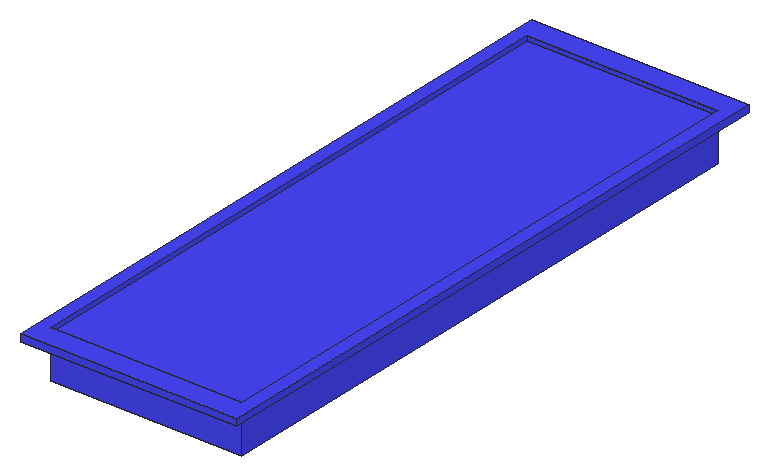
Revit family "ROCKLED4HTLO-MO-HOWT40120-277V", category Lighting Fixtures, host Face, Revit 2023
Family settings
  Host = Face
  Round Connector Dimension = Use Diameter
  Part Type = Normal
  Cut with Voids When Loaded = No
  Light Source = Yes
  Maintain Annotation Orientation = No
  Shared = No
  Room Calculation Point = No
Parameters (values of type "ROCKLED4HTHOWT40120-277V")
  Wattage Comments = "194W"
  Wattage = 142.95 W
  built-in parameter 1150110 = 1 (stored number, unit not read)
  Type Image = ROCKETLED IMAGE.PNG
  Type Comments = ""
  built-in parameter 1114217 = 1 (stored number, unit not read)
  Tilt Angle = -90.00°
  built-in parameter 1150109 = 1 (stored number, unit not read)
  built-in parameter 1150134 = 3
  built-in parameter 1150113 = 1 (stored number, unit not read)
  Photometric Web File = "ROCKLED4HTHOWT40120-277V.ies"
  Model = "ROCKLED4HTHOWT40120-277V"
  Manufacturer = "BEGHELLI"
  built-in parameter 1150105 = 7880.1 (stored number, unit not read)
  Lumens = 21234 lm
  built-in parameter 1150115 = 1 (stored number, unit not read)
  built-in parameter 1150137 = (empty or 0)
  built-in parameter 1150139 = (empty or 0)
  built-in parameter 1150112 = 1 (stored number, unit not read)
  built-in parameter 1150114 = 1 (stored number, unit not read)
  Lamp = "LED"
  Keynote = "Cuerpo: lámina de acero Cal. 22, marco Cal. 14,\r\nacabado con pintura poliéster de aplicación\r\nelectrostática. Color blanco RAL9003."
  built-in parameter 1150132 = 2
  built-in parameter 1150102 = (empty or 0)
  built-in parameter 1150107 = 3200 (stored number, unit not read)
  built-in parameter 1150138 = (empty or 0)
  built-in parameter 1150106 = 78.801 (stored number, unit not read)
  HOUSING MATERIAL = HOUSING MATERIAL
  Emit from Line Length = 609.6 mm
  built-in parameter 1150104 = 13.8 (stored number, unit not read)
  Dimming Lamp Color Temperature Shift = <None>
  Default Elevation = 1219.2 mm
  Color Filter = 16777215
  built-in parameter 1114218 = 1 (stored number, unit not read)
  built-in parameter 1150133 = 10 (stored number, unit not read)
Types (4, lengths in mm): name | Wattage Comments | Wattage | Photometric Web File | Model | built-in parameter 1150105 | Lumens | built-in parameter 1150106
  (no name) | "194W" | 142.95 W | "ROCKLED4HTHOWT40120-277V.ies" | "ROCKLED4HTHOWT40120-277V" | 7880.1 (stored number, unit not read) | 21234 lm | 78.801 (stored number, unit not read)
  ROCKLED4HTLOWT40120-277V | "109W" | 80.314 W | "ROCKLED4HTLOWT40120-277V.ies" | "ROCKLED4HTLOWT40120-277V" | 949.36 (stored number, unit not read) | 11930 lm | 9.4936 (stored number, unit not read)
  ROCKLED4HTMOWT40120-277V | "146W" | 107.579 W | "ROCKLED4HTMOWT40120-277V.ies" | "ROCKLED4HTMOWT40120-277V" | 1271.6 (stored number, unit not read) | 15980 lm | 12.716 (stored number, unit not read)
  ROCKLED4HTHOWT40120-277V | "194W" | 142.95 W | "ROCKLED4HTHOWT40120-277V.ies" | "ROCKLED4HTHOWT40120-277V" | 7880.1 (stored number, unit not read) | 21234 lm | 78.801 (stored number, unit not read)
Reference planes
  plane 1 "Center (Front/Back)": y = 0
  plane 2: z = 0
  plane 3 "Center (Left/Right)": x = 0
  plane 4: x = -227
  plane 5: y = -672.5
  plane 6: x = 227
Forms (mm)
  Extrusion 1, void
    sketch origin (0, 0, 0) x (1, 0, 0) y (0, 1, 0)
      loop
        line (-227, -672.5) -> (227, -672.5) -> (227, 672.5) -> (-227, 672.5) -> (-227, -672.5)
    from -109.302 to 56.595
Dimensions and locks
  aligned and locked: plane 2 to host face
  aligned and locked: level to host face
  aligned and locked: nested 1 to host face
  aligned and locked: imposter light to nested 1
Nested families
  nested 1: "ROCK LED-HOUSING" at (0, 0, -85.26), type "CNT2"
Definition of nested family "ROCK LED-HOUSING"
  Parameters (values of type "CNT2")
    LENS MATERIAL = none
    HOUSING MATERIAL = none
    Default Elevation = 0 mm
  Types (3): name
    (no name)
    CNT2
    CNT4
  Reference planes
    plane 1 "Center (Front/Back)": y = 0
    plane 2: z = 0
    plane 3 "Center (Left/Right)": x = 0
    plane 4: x = -227
    plane 5: x = 227
    plane 6: z = 100
    plane 7: x = -227
    plane 8: x = -200.5
    plane 9: y = 672.5
    plane 10: y = -672.5
    plane 11: x = 227
    plane 12: x = 200.5
    plane 13: y = 625
    plane 14: y = -672.5
    plane 15: y = -625
  Forms (mm)
    Extrusion 1, solid, material <- "HOUSING MATERIAL"
      sketch origin (0, 0, 0) x (1, 0, 0) y (0, 1, 0)
        loop
          line (-227, 672) -> (-227, -672) -> (227, -672) -> (227, 672) -> (-227, 672)
        loop
          line (-200.5, 625) -> (-200.5, -625) -> (200.5, -625) -> (200.5, 625) -> (-200.5, 625)
      from 85.26 to 100
    Extrusion 2, solid, material <- "LENS MATERIAL"
      sketch origin (0, 0, 0) x (1, 0, 0) y (0, 1, 0)
        loop
          line (-200.5, 625) -> (-200.5, -625) -> (200.5, -625) -> (200.5, 625) -> (-200.5, 625)
      from 85.26 to 91.448
    Extrusion 3, solid, material <- "HOUSING MATERIAL"
      sketch origin (0, 0, 0) x (1, 0, 0) y (0, 1, 0)
        loop
          line (-200.5, 625) -> (-200.5, -625) -> (200.5, -625) -> (200.5, 625) -> (-200.5, 625)
      from 0 to 91.448
  Dimensions and locks
    plane 7 to plane 3 "Center (Left/Right)" = 227 mm
    plane 8 to plane 3 "Center (Left/Right)" = 200.5 mm
    plane 9 to plane 1 "Center (Front/Back)" = 672.5 mm
    plane 13 to plane 1 "Center (Front/Back)" = 625 mm
    aligned and locked: level to plane 2
    aligned and locked: Extrusion 3 to level
